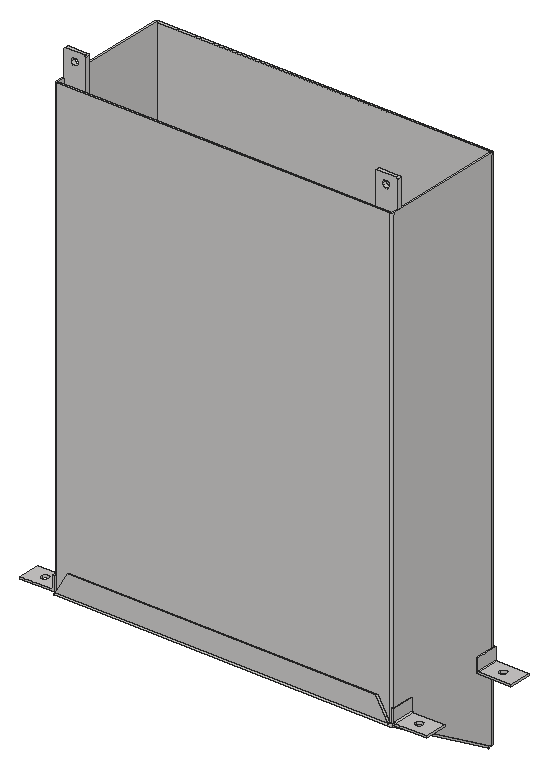
Revit family
Parameters (values of type "B-318")
  URL = "http://www.bobrick.com/"
  Revised Date = "28/08/2013"
  Product URL = "http://www.bobrick.com/washroomaccessories/Pages/ProductDetails.aspx?Product+Number=B-318"
  Phone # = "416.250.5656"
  Model = "B-318"
  Material = Stainless Steel
  Manufacturer = "Bobrick"
  Designed By = "ATS BIM Team"
  Description = "Recessed Paper Towel Dispenser"
  Assembly Code = "E2020200"
Reference planes (in)
  plane 1 "Center (Front/Back)": y = 0
  plane 2: z = 0
  plane 3 "Center (Left/Right)": x = 0
  plane 4: z = 18
  plane 5: z = 2.5
  plane 6: y = -4.3125
  plane 7 "Mouth Reference Plane": through (0, -4.3125, 2.50184) normal (0, 0.515, 0.8572)
  plane 8: z = 3
  plane 9: x = -6.21875
  plane 10: z = 3
  plane 11: x = -6.21875
  plane 12: x = 5.28125
  plane 13: x = -5.28125
  plane 14: z = 18.625
  plane 15: y = -3.9375
  plane 16: x = 5.71875
  plane 17: x = -5.71875
  plane 18: x = -6.34375
  plane 19: z = 3
  plane 20: x = 6.21875
  plane 21: z = 3
  plane 22: x = 6.21875
  plane 23: x = 6.34375
  plane 24: y = -3.9375
  plane 25: y = -0.375
Forms (in)
  Extrusion 1, solid, material "Stainless Steel" <- "Material"
    sketch origin (0, 0, 0) x (1, 0, 0) y (0, 1, 0)
      loop
        arc (-5.63818, 0) -> (-5.69515, -0.0236) -> (-5.71875, -0.08057) r 0.08057
        line (-5.71875, -0.08057) -> (-5.71875, -4.23193)
        arc (-5.71875, -4.23193) -> (-5.69515, -4.2889) -> (-5.63818, -4.3125) r 0.08057
        line (-5.63818, -4.3125) -> (5.63818, -4.3125)
        arc (5.63818, -4.3125) -> (5.69515, -4.2889) -> (5.71875, -4.23193) r 0.08057
        line (5.71875, -4.23193) -> (5.71875, -0.08057)
        arc (5.71875, -0.08057) -> (5.69515, -0.0236) -> (5.63818, 0) r 0.08057
        line (5.63818, 0) -> (-5.63818, 0)
      loop
        line (-5.65625, -0.0625) -> (-5.65625, -4.25) -> (5.65625, -4.25) -> (5.65625, -0.0625) -> (-5.65625, -0.0625)
    from 0 to 18
  Extrusion 2, void
    sketch origin (0, 0, 0) x (0, 1, 0) y (0, 0, 1)
      loop
        line (2.5125, -1.5) -> (-4.1875, 2.5) -> (-6.4375, 2.5) -> (-6.4375, -1.5) -> (2.5125, -1.5)
      loop
        line (2.54454, -1.44634) -> (2.54454, 2.5) -> (-4.06557, 2.5) -> (2.54454, -1.44634)
    from -6.44531 to 6.25321
  Extrusion 3, solid, material "Stainless Steel" <- "Material"
    sketch origin (0, 0, 0) x (1, 0, 0) y (0, 0, 1)
      loop
        line (-5.375, 1.48475) -> (-4.0884, 1.48475)
        arc (-4.0884, 1.48475) -> (0, 1.89791) -> (4.0884, 1.48475) r 20.43483
        line (4.0884, 1.48475) -> (5.375, 1.48475) -> (5.375, 2.42721) -> (-5.375, 2.42721) -> (-5.375, 1.48475)
      loop
        line (-5.375, 1.06335) -> (-5.375, 0.17822) -> (5.375, 0.17822) -> (5.375, 1.06335) -> (4.0884, 1.06335)
        arc (4.0884, 1.06335) -> (0, 0.65019) -> (-4.0884, 1.06335) r 20.43483
        line (-4.0884, 1.06335) -> (-5.375, 1.06335)
    from 0 to 4.3125
  Extrusion 4, void
    sketch origin (0, 0, 0) x (0, 1, 0) y (0, 0, 1)
      loop
        line (0.05053, -0.10296) -> (-4.43671, 2.57599) -> (-4.80417, 2.57599) -> (-4.80417, -0.42218) -> (0.05053, -0.42218) -> (0.05053, -0.10296)
    from -9.50957 to 12
  Extrusion 5, solid, material "Stainless Steel" <- "Material"
    sketch origin (0, -0.03221, -0.05356) x (0, -0.858665, 0.512537) y (-1, 0, 0)
      loop
        spline (5.05893, 5.64393) -> (5.05671, 5.65407) -> (5.05332, 5.66388) -> (5.0488, 5.67322) -> (5.04321, 5.68196) -> (5.03663, 5.68998) -> (5.02915, 5.69718) -> (5.02088, 5.70345) -> (5.01193, 5.7087) -> (5.00242, 5.71286) -> (4.99249, 5.71587) -> (4.98228, 5.7177) -> (4.97192, 5.71875)
        line (4.97192, 5.71875) -> (0.20922, 5.71875)
        arc (0.20922, 5.71875) -> (0.13878, 5.68957) -> (0.1096, 5.61913) r 0.09962
        line (0.1096, 5.61913) -> (0.1096, -5.62095)
        arc (0.1096, -5.62095) -> (0.14584, -5.69781) -> (0.22819, -5.71875) r 0.09962
        line (0.22819, -5.71875) -> (4.97192, -5.71831)
        spline (4.97192, -5.71831) -> (4.98228, -5.7177) -> (4.99249, -5.71587) -> (5.00242, -5.71286) -> (5.01193, -5.7087) -> (5.02088, -5.70345) -> (5.02915, -5.69718) -> (5.03663, -5.68999) -> (5.04321, -5.68196) -> (5.0488, -5.67322) -> (5.05332, -5.66388) -> (5.05671, -5.65407) -> (5.05893, -5.64393)
        line (5.05893, -5.64393) -> (5.05893, 5.64393)
      loop
        arc (4.23507, 4.87375) -> (4.20725, 4.94093) -> (4.14008, 4.96875) r 0.095
        line (4.14008, 4.96875) -> (0.845, 4.96875)
        arc (0.845, 4.96875) -> (0.77782, 4.94093) -> (0.75, 4.87375) r 0.095
        line (0.75, 4.87375) -> (0.75, -4.87375)
        arc (0.75, -4.87375) -> (0.77782, -4.94093) -> (0.845, -4.96875) r 0.095
        line (0.845, -4.96875) -> (4.14008, -4.96875)
        arc (4.14008, -4.96875) -> (4.20725, -4.94093) -> (4.23507, -4.87375) r 0.095
        line (4.23507, -4.87375) -> (4.23507, 4.87375)
    from 0 to 0.0712
  Extrusion 6, solid, material "Stainless Steel" <- "Material"
    sketch origin (0, 0, 0) x (1, 0, 0) y (0, 0, 1)
      loop
        line (-5.65625, 2.5) -> (5.65625, 2.5) -> (5.22324, 3.25) -> (-5.22324, 3.25) -> (-5.65625, 2.5)
    from 4.3125 to 4.375
  Extrusion 7, solid, material "Stainless Steel" <- "Material"
    sketch origin (-0.21875, 0, 0) x (-1, 0, 0) y (0, 0, -1)
      loop
        line (6.6875, -2.5) -> (5.5, -2.5) -> (5.5, -2.99947) -> (5.5625, -2.99947) -> (5.5625, -2.6054)
        arc (5.5625, -2.6054) -> (5.57506, -2.57506) -> (5.6054, -2.5625) r 0.0429
        line (5.6054, -2.5625) -> (6.6875, -2.5625) -> (6.6875, -2.5)
    from 3.55292 to 4.3125
  Extrusion 8, solid
    sketch origin (-0.21875, -4.3125, 0) x (-1, 0, 0) y (0, 0, 1)
      loop
        line (6.6875, 2.5) -> (6.6875, 2.5625) -> (5.6054, 2.5625)
        arc (5.6054, 2.5625) -> (5.57506, 2.57506) -> (5.5625, 2.6054) r 0.0429
        line (5.5625, 2.6054) -> (5.5625, 2.99947) -> (5.5, 2.99947) -> (5.5, 2.5) -> (6.6875, 2.5)
    from 3.55292 to 4.3125
  Extrusion 9, void
    sketch origin (-0.375, 0, 0) x (-1, 0, 0) y (0, -1, 0)
      loop
        circle (5.96875, 3.9375) r 0.125
    from 2.28243 to 2.81252
  Extrusion 10, void
    sketch origin (-0.375, -4.3125, 0) x (-1, 0, 0) y (0, -1, 0)
      loop
        circle (5.96875, -3.9375) r 0.125
    from 2.28243 to 2.81252
  Extrusion 11, solid, material "Stainless Steel" <- "Material"
    sketch origin (0.21875, 0, 0) x (1, 0, 0) y (0, 0, 1)
      loop
        line (6.6875, 2.5) -> (6.6875, 2.5625) -> (5.6054, 2.5625)
        arc (5.6054, 2.5625) -> (5.57506, 2.57506) -> (5.5625, 2.6054) r 0.0429
        line (5.5625, 2.6054) -> (5.5625, 2.99947) -> (5.5, 2.99947) -> (5.5, 2.5) -> (6.6875, 2.5)
    from 3.55292 to 4.3125
  Extrusion 12, solid, material "Stainless Steel" <- "Material"
    sketch origin (0.21875, -4.3125, 0) x (1, 0, 0) y (0, 0, -1)
      loop
        line (6.6875, -2.5) -> (5.5, -2.5) -> (5.5, -2.99947) -> (5.5625, -2.99947) -> (5.5625, -2.6054)
        arc (5.5625, -2.6054) -> (5.57506, -2.57506) -> (5.6054, -2.5625) r 0.0429
        line (5.6054, -2.5625) -> (6.6875, -2.5625) -> (6.6875, -2.5)
    from 3.55292 to 4.3125
  Extrusion 13, void
    sketch origin (0.375, 0, 0) x (1, 0, 0) y (0, 1, 0)
      loop
        circle (5.96875, -3.9375) r 0.125
    from 2.28243 to 2.81252
  Extrusion 14, void
    sketch origin (0.375, -4.3125, 0) x (1, 0, 0) y (0, 1, 0)
      loop
        circle (5.96875, 3.9375) r 0.125
    from 2.28243 to 2.81252
  Extrusion 15, solid, material "Stainless Steel" <- "Material"
    sketch origin (0, 0.07174, 0) x (1, 0, 0) y (0, 0, 1)
      loop
        arc (-5.60084, 18.94107) -> (-5.64002, 18.92484) -> (-5.65625, 18.88566) r 0.05541
        line (-5.65625, 18.88566) -> (-5.65625, 16.99648)
        arc (-5.65625, 16.99648) -> (-5.64002, 16.9573) -> (-5.60084, 16.94107) r 0.05541
        line (-5.60084, 16.94107) -> (-4.96166, 16.94107)
        arc (-4.96166, 16.94107) -> (-4.92248, 16.9573) -> (-4.90625, 16.99648) r 0.05541
        line (-4.90625, 16.99648) -> (-4.90625, 18.88566)
        arc (-4.90625, 18.88566) -> (-4.92248, 18.92484) -> (-4.96166, 18.94107) r 0.05541
        line (-4.96166, 18.94107) -> (-5.60084, 18.94107)
      loop
        circle (-5.28125, 18.625) r 0.125
    from 3.94365 to 4.06557
  Extrusion 16, solid, material "Stainless Steel" <- "Material"
    sketch origin (0, 0.07174, 0) x (-1, 0, 0) y (0, 0, -1)
      loop
        line (-5.60084, -18.94107) -> (-4.96166, -18.94107)
        arc (-4.96166, -18.94107) -> (-4.92248, -18.92484) -> (-4.90625, -18.88566) r 0.05541
        line (-4.90625, -18.88566) -> (-4.90625, -16.99648)
        arc (-4.90625, -16.99648) -> (-4.92248, -16.9573) -> (-4.96166, -16.94107) r 0.05541
        line (-4.96166, -16.94107) -> (-5.60084, -16.94107)
        arc (-5.60084, -16.94107) -> (-5.64002, -16.9573) -> (-5.65625, -16.99648) r 0.05541
        line (-5.65625, -16.99648) -> (-5.65625, -18.88566)
        arc (-5.65625, -18.88566) -> (-5.64002, -18.92484) -> (-5.60084, -18.94107) r 0.05541
      loop
        circle (-5.28125, -18.625) r 0.125
    from 3.94365 to 4.06557
Cuts and joins
  Extrusion 2, Extrusion 4 cuts Extrusion 3
  Extrusion 4 cuts Extrusion 1
  Extrusion 9, Extrusion 10, Extrusion 13 cuts Extrusion 7
  Extrusion 10, Extrusion 14 cuts Extrusion 8
  Extrusion 13 cuts Extrusion 11
  Extrusion 14 cuts Extrusion 12
Dimensions and locks (in)
  plane 5 to level = 0' - 2 1/2"
  plane 23 to plane 18 = 1' - 0 11/16"
  plane 6 to plane 15 = 0' - 0 3/8"
  plane 6 to plane 1 "Center (Front/Back)" = 0' - 4 5/16"
  plane 17 to plane 16 = 0' - 11 7/16"
  plane 13 to plane 12 = 0' - 10 9/16"
  plane 14 to plane 5 = 1' - 4 1/8"
  plane 4 to level = 1' - 6"
  plane 24 to plane 25 = 0' - 3 9/16"
  plane 6 to plane 24 = 0' - 0 3/8"
